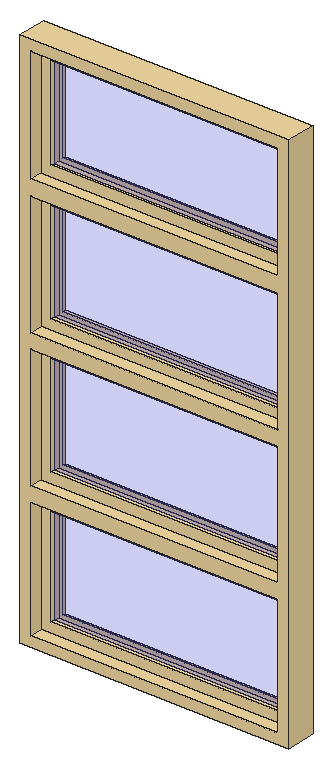
Revit family "6404-COto 62", category Windows, host Wall, Revit 2016
Family settings
  Host = Wall
  OmniClass Number = 23.30.20.00
  OmniClass Title = Windows
  Always vertical = Yes
  Cut with Voids When Loaded = No
  Shared = No
  Room Calculation Point = No
Parameters (values of type "1188x2388mm")
  top 4 [instance] = yes
  top 3 [instance] = yes
  top 2 [instance] = yes
  top 1 [instance] = yes
  right 4 [instance] = no
  right 2 [instance] = no
  right 1 [instance] = no
  right 3 [instance] = no
  left 4 [instance] = no
  left 3 [instance] = no
  left 2 [instance] = no
  left 1 [instance] = no
  Sash 3 [instance] = or(top 3, right 3, left 3)  # yes
  Sash 2 [instance] = or(top 2, right 2, left 2)  # yes
  Sash 1 [instance] = or(top 1, right 1, left 1)  # yes
  Sash 4 [instance] = or(top 4, right 4, left 4)  # yes
  Rough Width = Width + 2 * Joint  # 1212 mm
  Rough Height = Height + 2 * Joint  # 2412 mm
  Offset from wall = 40 mm
  Mullion 3 Placement = 1788 mm
  Mullion 1 Placement = 596 mm
  Mullion 2 Placement = 1192 mm
  Manufacturer = "www.kronevinduer.dk"
  Joint = 12 mm
  Height = 2388 mm
  Frame 176mm [instance] = no
  Frame 157mm [instance] = no
  Default Sill Height = 800 mm
  Wall Closure = By host
  Width = 1188 mm
Reference planes
  plane 1 "Center (Front/Back)": y = 0
  plane 2 "Center (Left/Right)": x = 0
  plane 3 "Left": x = -594
  plane 4 "Right": x = 594
  plane 5 "Sill": z = 800
  plane 6 "Head": z = 3188
  plane 7 "Exterior": y = 100
  plane 8 "Interior": y = -100
  plane 9: y = 60
  plane 10: x = 582
  plane 11: x = -582
  plane 12: z = 812
  plane 13: z = 3176
  plane 14: z = 1994
  plane 15: z = 2004
  plane 16: z = 1408
  plane 17: z = 2600
  plane 18: z = 1706
  plane 19: z = 1110
  plane 20: z = 2888
  plane 21: z = 2302
Forms (mm)
  Sweep 1, solid, material "Wood frame"
    path origin (0, 100, 0) x (1, 0, 0) y (0, 0, 1)
      loop
        line (582, 812) -> (582, 3176) -> (-582, 3176) -> (-582, 812) -> (582, 812)
    profile "COto 62 træ-alu,karm- fast glas 45mm : COto 62 træ-alu,karm- fast glas 45mm" origin (0, 100, 812) x (0, 0, -1) y (0, -1, 0)
      loop
        line (0, 170) -> (-45, 170) -> (-45, 99) -> (-27, 99) -> (-27, 51) -> (-45, 51) -> (-45, 40) -> (0, 40) -> (0, 170)
  Sweep 2, solid, material "Wood frame", visible <- "Frame 157mm"
    path origin (0, 100, 0) x (1, 0, 0) y (0, 0, 1)
      loop
        line (582, 812) -> (582, 3176) -> (-582, 3176) -> (-582, 812) -> (582, 812)
    profile "COto 62 træ-alu,karm- fast glas 45mm-157 : COto 62 træ-alu,karm- fast glas 45mm-157" origin (0, 100, 812) x (0, 0, -1) y (0, -1, 0)
      loop
        line (0, 197) -> (-45, 197) -> (-45, 99) -> (-27, 99) -> (-27, 51) -> (-45, 51) -> (-45, 40) -> (0, 40) -> (0, 197)
  Sweep 3, solid, material "Wood frame", visible <- "Frame 176mm"
    path origin (0, 100, 0) x (1, 0, 0) y (0, 0, 1)
      loop
        line (582, 812) -> (582, 3176) -> (-582, 3176) -> (-582, 812) -> (582, 812)
    profile "COto 62 træ-alu,karm- fast glas 45mm-176 : COto 62 træ-alu,karm- fast glas 45mm-176" origin (0, 100, 812) x (0, 0, -1) y (0, -1, 0)
      loop
        line (0, 216) -> (-45, 216) -> (-45, 99) -> (-27, 99) -> (-27, 51) -> (-45, 51) -> (-45, 40) -> (0, 40) -> (0, 216)
  Extrusion 4, solid, material "Glass"
    sketch origin (-594, 0, 0) x (0, -1, 0) y (0, 0, 1)
      loop
        line (-49, 839) -> (-1, 839) -> (-1, 3149) -> (-49, 3149) -> (-49, 839)
    from -1149 to -39
  Sweep 5, solid, material "Wood frame"
    path origin (0, 100, 0) x (1, 0, 0) y (0, 0, 1)
      loop
        line (582, 2004) -> (-582, 2004)
    profile "COto 62 træ-alu, Post-fast glas 63 mm : COto 62 træ-alu, Post-fast glas 63 mm" origin (0, 100, 2004) x (0, 0, -1) y (0, -1, 0)
      loop
        line (31.5, 170) -> (-31.5, 170) -> (-31.5, 99) -> (-13.5, 99) -> (-13.5, 51) -> (-31.5, 51) -> (-31.5, 40) -> (31.5, 40) -> (31.5, 51) -> (13.5, 51) -> (13.5, 99) -> (31.5, 99) -> (31.5, 170)
  Sweep 6, solid, material "Wood frame"
    path origin (0, 100, 0) x (1, 0, 0) y (0, 0, 1)
      loop
        line (582, 1408) -> (-582, 1408)
    profile "COto 62 træ-alu, Post-fast glas 63 mm : COto 62 træ-alu, Post-fast glas 63 mm" origin (0, 100, 1408) x (0, 0, -1) y (0, -1, 0)
      loop
        line (31.5, 170) -> (-31.5, 170) -> (-31.5, 99) -> (-13.5, 99) -> (-13.5, 51) -> (-31.5, 51) -> (-31.5, 40) -> (31.5, 40) -> (31.5, 51) -> (13.5, 51) -> (13.5, 99) -> (31.5, 99) -> (31.5, 170)
  Sweep 7, solid, material "Wood frame", visible <- "Frame 157mm"
    path origin (0, 100, 0) x (1, 0, 0) y (0, 0, 1)
      loop
        line (582, 2004) -> (-582, 2004)
    profile "COto 62 træ-alu, Post-fast glas 63 mm-157 : COto 62 træ-alu, Post-fast glas 63 mm-157" origin (0, 100, 2004) x (0, 0, -1) y (0, -1, 0)
      loop
        line (31.5, 197) -> (-31.5, 197) -> (-31.5, 99) -> (-13.5, 99) -> (-13.5, 51) -> (-31.5, 51) -> (-31.5, 40) -> (31.5, 40) -> (31.5, 51) -> (13.5, 51) -> (13.5, 99) -> (31.5, 99) -> (31.5, 197)
  Sweep 8, solid, material "Wood frame", visible <- "Frame 157mm"
    path origin (0, 100, 0) x (1, 0, 0) y (0, 0, 1)
      loop
        line (582, 1408) -> (-582, 1408)
    profile "COto 62 træ-alu, Post-fast glas 63 mm-157 : COto 62 træ-alu, Post-fast glas 63 mm-157" origin (0, 100, 1408) x (0, 0, -1) y (0, -1, 0)
      loop
        line (31.5, 197) -> (-31.5, 197) -> (-31.5, 99) -> (-13.5, 99) -> (-13.5, 51) -> (-31.5, 51) -> (-31.5, 40) -> (31.5, 40) -> (31.5, 51) -> (13.5, 51) -> (13.5, 99) -> (31.5, 99) -> (31.5, 197)
  Sweep 9, solid, material "Wood frame", visible <- "Frame 176mm"
    path origin (0, 100, 0) x (1, 0, 0) y (0, 0, 1)
      loop
        line (582, 1408) -> (-582, 1408)
    profile "COto 62 træ-alu, Post-fast glas 63 mm-176 : COto 62 træ-alu, Post-fast glas 63 mm-176" origin (0, 100, 1408) x (0, 0, -1) y (0, -1, 0)
      loop
        line (31.5, 216) -> (-31.5, 216) -> (-31.5, 99) -> (-13.5, 99) -> (-13.5, 51) -> (-31.5, 51) -> (-31.5, 40) -> (31.5, 40) -> (31.5, 51) -> (13.5, 51) -> (13.5, 99) -> (31.5, 99) -> (31.5, 216)
  Sweep 10, solid, material "Wood frame", visible <- "Frame 176mm"
    path origin (0, 100, 0) x (1, 0, 0) y (0, 0, 1)
      loop
        line (582, 2004) -> (-582, 2004)
    profile "COto 62 træ-alu, Post-fast glas 63 mm-176 : COto 62 træ-alu, Post-fast glas 63 mm-176" origin (0, 100, 2004) x (0, 0, -1) y (0, -1, 0)
      loop
        line (31.5, 216) -> (-31.5, 216) -> (-31.5, 99) -> (-13.5, 99) -> (-13.5, 51) -> (-31.5, 51) -> (-31.5, 40) -> (31.5, 40) -> (31.5, 51) -> (13.5, 51) -> (13.5, 99) -> (31.5, 99) -> (31.5, 216)
  Sweep 11, solid, material "Wood frame", visible <- "Sash 1"
    path origin (0, 100, 0) x (1, 0, 0) y (0, 0, 1)
      loop
        line (555, 839) -> (555, 1394.5) -> (-555, 1394.5) -> (-555, 839) -> (555, 839)
    profile "COto 62 træ-alu,opluk-ramme : COto 62 træ-alu,opluk-ramme" origin (0, 100, 839) x (0, 0, -1) y (0, -1, 0)
      loop
        line (0, 99) -> (-18, 99) -> (-18, 114) -> (-63, 114) -> (-63, 99) -> (-45, 99) -> (-45, 51) -> (-63, 51) -> (-63, 40) -> (0, 40) -> (0, 99)
  Sweep 12, solid, material "Wood frame", visible <- "Sash 2"
    path origin (0, 100, 0) x (1, 0, 0) y (0, 0, 1)
      loop
        line (555, 1421.5) -> (555, 1990.5) -> (-555, 1990.5) -> (-555, 1421.5) -> (555, 1421.5)
    profile "COto 62 træ-alu,opluk-ramme : COto 62 træ-alu,opluk-ramme" origin (0, 100, 1421.5) x (0, 0, -1) y (0, -1, 0)
      loop
        line (0, 99) -> (-18, 99) -> (-18, 114) -> (-63, 114) -> (-63, 99) -> (-45, 99) -> (-45, 51) -> (-63, 51) -> (-63, 40) -> (0, 40) -> (0, 99)
  Sweep 13, solid, material "Wood frame"
    path origin (0, 100, 0) x (1, 0, 0) y (0, 0, 1)
      loop
        line (582, 2600) -> (-582, 2600)
    profile "COto 62 træ-alu, Post-fast glas 63 mm : COto 62 træ-alu, Post-fast glas 63 mm" origin (0, 100, 2600) x (0, 0, -1) y (0, -1, 0)
      loop
        line (31.5, 170) -> (-31.5, 170) -> (-31.5, 99) -> (-13.5, 99) -> (-13.5, 51) -> (-31.5, 51) -> (-31.5, 40) -> (31.5, 40) -> (31.5, 51) -> (13.5, 51) -> (13.5, 99) -> (31.5, 99) -> (31.5, 170)
  Sweep 14, solid, material "Wood frame", visible <- "Frame 157mm"
    path origin (0, 100, 0) x (1, 0, 0) y (0, 0, 1)
      loop
        line (582, 2600) -> (-582, 2600)
    profile "COto 62 træ-alu, Post-fast glas 63 mm-157 : COto 62 træ-alu, Post-fast glas 63 mm-157" origin (0, 100, 2600) x (0, 0, -1) y (0, -1, 0)
      loop
        line (31.5, 197) -> (-31.5, 197) -> (-31.5, 99) -> (-13.5, 99) -> (-13.5, 51) -> (-31.5, 51) -> (-31.5, 40) -> (31.5, 40) -> (31.5, 51) -> (13.5, 51) -> (13.5, 99) -> (31.5, 99) -> (31.5, 197)
  Sweep 15, solid, material "Wood frame", visible <- "Frame 176mm"
    path origin (0, 100, 0) x (1, 0, 0) y (0, 0, 1)
      loop
        line (582, 2600) -> (-582, 2600)
    profile "COto 62 træ-alu, Post-fast glas 63 mm-176 : COto 62 træ-alu, Post-fast glas 63 mm-176" origin (0, 100, 2600) x (0, 0, -1) y (0, -1, 0)
      loop
        line (31.5, 216) -> (-31.5, 216) -> (-31.5, 99) -> (-13.5, 99) -> (-13.5, 51) -> (-31.5, 51) -> (-31.5, 40) -> (31.5, 40) -> (31.5, 51) -> (13.5, 51) -> (13.5, 99) -> (31.5, 99) -> (31.5, 216)
  Sweep 16, solid, material "Wood frame", visible <- "Sash 3"
    path origin (0, 100, 0) x (1, 0, 0) y (0, 0, 1)
      loop
        line (555, 2017.5) -> (555, 2586.5) -> (-555, 2586.5) -> (-555, 2017.5) -> (555, 2017.5)
    profile "COto 62 træ-alu,opluk-ramme : COto 62 træ-alu,opluk-ramme" origin (0, 100, 2017.5) x (0, 0, -1) y (0, -1, 0)
      loop
        line (0, 99) -> (-18, 99) -> (-18, 114) -> (-63, 114) -> (-63, 99) -> (-45, 99) -> (-45, 51) -> (-63, 51) -> (-63, 40) -> (0, 40) -> (0, 99)
  Sweep 17, solid, material "Wood frame", visible <- "Sash 4"
    path origin (0, 100, 0) x (1, 0, 0) y (0, 0, 1)
      loop
        line (555, 2613.5) -> (555, 3149) -> (-555, 3149) -> (-555, 2613.5) -> (555, 2613.5)
    profile "COto 62 træ-alu,opluk-ramme : COto 62 træ-alu,opluk-ramme" origin (0, 100, 2613.5) x (0, 0, -1) y (0, -1, 0)
      loop
        line (0, 99) -> (-18, 99) -> (-18, 114) -> (-63, 114) -> (-63, 99) -> (-45, 99) -> (-45, 51) -> (-63, 51) -> (-63, 40) -> (0, 40) -> (0, 99)
Cuts and joins
  joined: Sweep 1, Sweep 5, Sweep 6, Sweep 13
  joined: Sweep 2, Sweep 7, Sweep 8, Sweep 14
  joined: Sweep 3, Sweep 9, Sweep 10, Sweep 15
Lines and regions (mm)
  Opening 1
    outline origin (3500, -100, 0) x (1, 0, 0) y (0, 0, 1)
      loop
        line (-2906, 800) -> (-2906, 3188) -> (-4094, 3188) -> (-4094, 800) -> (-2906, 800)
  symbolic lines
    curve 1: line (555, 100, 3149) -> (555, 100, 2612)
  symbolic lines, visible <- "top 2"
    curve 2: line (555, 100, 1990.5) -> (0, 100, 1421.5)
    curve 3: line (0, 100, 1421.5) -> (-555, 100, 1990.5)
  symbolic lines, visible <- "top 1"
    curve 4: line (555, 100, 1394.5) -> (0, 100, 839)
    curve 5: line (0, 100, 839) -> (-555, 100, 1394.5)
  symbolic lines, visible <- "left 2"
    curve 6: line (555, 100, 1990.5) -> (-555, 100, 1706)
    curve 7: line (-555, 100, 1706) -> (555, 100, 1421.5)
  symbolic lines, visible <- "right 2"
    curve 8: line (-555, 100, 1990.5) -> (555, 100, 1706)
    curve 9: line (555, 100, 1706) -> (-555, 100, 1421.5)
  symbolic lines, visible <- "left 1"
    curve 10: line (555, 100, 1394.5) -> (-555, 100, 1110)
    curve 11: line (-555, 100, 1110) -> (555, 100, 839)
  symbolic lines, visible <- "right 1"
    curve 12: line (-555, 100, 1394.5) -> (555, 100, 1110)
    curve 13: line (555, 100, 1110) -> (-555, 100, 839)
  symbolic lines, visible <- "top 3"
    curve 14: line (555, 100, 2586.5) -> (0, 100, 2017.5)
    curve 15: line (0, 100, 2017.5) -> (-555, 100, 2586.5)
  symbolic lines, visible <- "left 3"
    curve 16: line (555, 100, 2586.5) -> (-555, 100, 2302)
    curve 17: line (-555, 100, 2302) -> (555, 100, 2017.5)
  symbolic lines, visible <- "right 3"
    curve 18: line (-555, 100, 2586.5) -> (555, 100, 2302)
    curve 19: line (555, 100, 2302) -> (-555, 100, 2017.5)
  symbolic lines, visible <- "top 4"
    curve 20: line (555, 100, 3149) -> (0, 100, 2613.5)
    curve 21: line (0, 100, 2613.5) -> (-555, 100, 3149)
  symbolic lines, visible <- "left 4"
    curve 22: line (555, 100, 3149) -> (-555, 100, 2888)
    curve 23: line (-555, 100, 2888) -> (555, 100, 2612)
  symbolic lines, visible <- "right 4"
    curve 24: line (-555, 100, 3149) -> (537, 100, 2888)
    curve 25: line (537, 100, 2888) -> (-537, 100, 2631.5)
Text (mm)
  text "EXTERIOR" at (-1963.203, 1332.353, 0), in view "Ref. Level"
  text "INTERIOR" at (-1981.466, -818.386, 0), in view "Ref. Level"
  text "Exterior" at (0, 923.751, 2943.296), in view "Right"
  text "Exterior" at (0, 1040.484, 2685.409), in view "Left"
Dimensions and locks
  equal spacing: plane 3 "Left", plane 2 "Center (Left/Right)", plane 4 "Right"
  "Width": plane 3 "Left" to plane 4 "Right"
  "Height": plane 5 "Sill" to plane 6 "Head"
  "Default Sill Height": plane 5 "Sill" to level
  locked: plane 7 "Exterior" to host wall at 0
  locked: plane 8 "Interior" to host wall
  "Joint": plane 13 to plane 6 "Head"
  "Joint": plane 5 "Sill" to plane 12
  "Joint": plane 3 "Left" to plane 11
  "Joint": plane 10 to plane 4 "Right"
  "Offset from wall": plane 9 to plane 7 "Exterior"
  equal spacing: plane 12, plane 14, plane 13
  "Mullion 1 Placement": plane 12 to plane 16
  equal spacing: plane 16, plane 18, plane 15
  equal spacing: plane 12, plane 19, plane 16
  "Mullion 2 Placement": plane 12 to plane 15
  "Mullion 3 Placement": plane 12 to plane 17
  equal spacing: plane 15, plane 21, plane 17
  equal spacing: plane 17, plane 20, plane 13
  aligned and locked: plane 12 to Sweep 1 sketch curve
  aligned and locked: plane 10 to Sweep 1 sketch curve
  aligned and locked: Sweep 1 sketch curve to plane 13
  aligned and locked: Sweep 1 sketch curve to plane 11
  aligned and locked: Extrusion 4 sketch curve to Sweep 1  (x2)
  aligned and locked: Extrusion 4 to Sweep 1  (x4)
  aligned and locked: Sweep 11 sketch curve to Extrusion 4  (x2)
  aligned and locked: Sweep 11 sketch curve to cut or joined group of Sweep 1, Sweep 5, Sweep 6, Sweep 13  (x2)
  aligned and locked: Sweep 12 sketch curve to cut or joined group of Sweep 1, Sweep 5, Sweep 6, Sweep 13  (x2)
  aligned and locked: cut or joined group of Sweep 1, Sweep 5, Sweep 6, Sweep 13 to Sweep 12 sketch curve  (x2)
  aligned and locked: Sweep 16 sketch curve to cut or joined group of Sweep 1, Sweep 5, Sweep 6, Sweep 13  (x2)
  aligned and locked: cut or joined group of Sweep 1, Sweep 5, Sweep 6, Sweep 13 to Sweep 16 sketch curve  (x2)
  aligned and locked: Sweep 17 sketch curve to cut or joined group of Sweep 1, Sweep 5, Sweep 6, Sweep 13  (x2)
  aligned and locked: Sweep 17 sketch curve to Extrusion 4  (x2)
Automatic sketch dimensions
  Opening 1 sketch curve to plane 3 "Left" = 0 mm
  Opening 1 sketch curve to plane 4 "Right" = 0 mm
  Opening 1 sketch curve to plane 5 "Sill" = 0 mm
  Opening 1 sketch curve to plane 6 "Head" = 0 mm
  plane 11 to Sweep 2 sketch curve = 0 mm
  plane 10 to Sweep 2 sketch curve = 0 mm
  Sweep 2 sketch curve to plane 12 = 0 mm
  Sweep 2 sketch curve to plane 13 = 0 mm
  plane 11 to Sweep 3 sketch curve = 0 mm
  plane 10 to Sweep 3 sketch curve = 0 mm
  Sweep 3 sketch curve to plane 12 = 0 mm
  Sweep 3 sketch curve to plane 13 = 0 mm
  Extrusion 4 sketch curve to plane 5 "Sill" = 39 mm
  plane 6 "Head" to Extrusion 4 sketch curve = 39 mm
  plane 11 to Sweep 5 sketch curve = 0 mm
  plane 10 to Sweep 5 sketch curve = 0 mm
  Sweep 5 sketch curve to plane 15 = 0 mm
  plane 11 to Sweep 6 sketch curve = 0 mm
  plane 10 to Sweep 6 sketch curve = 0 mm
  Sweep 6 sketch curve to plane 16 = 0 mm
  plane 11 to Sweep 7 sketch curve = 0 mm
  plane 10 to Sweep 7 sketch curve = 0 mm
  Sweep 7 sketch curve to plane 15 = 0 mm
  plane 11 to Sweep 8 sketch curve = 0 mm
  plane 10 to Sweep 8 sketch curve = 0 mm
  Sweep 8 sketch curve to plane 16 = 0 mm
  plane 11 to Sweep 9 sketch curve = 0 mm
  plane 10 to Sweep 9 sketch curve = 0 mm
  Sweep 9 sketch curve to plane 16 = 0 mm
  plane 11 to Sweep 10 sketch curve = 0 mm
  plane 10 to Sweep 10 sketch curve = 0 mm
  Sweep 10 sketch curve to plane 15 = 0 mm
  plane 11 to Sweep 13 sketch curve = 0 mm
  plane 10 to Sweep 13 sketch curve = 0 mm
  Sweep 13 sketch curve to plane 17 = 0 mm
  plane 11 to Sweep 14 sketch curve = 0 mm
  plane 10 to Sweep 14 sketch curve = 0 mm
  Sweep 14 sketch curve to plane 17 = 0 mm
  plane 11 to Sweep 15 sketch curve = 0 mm
  plane 10 to Sweep 15 sketch curve = 0 mm
  Sweep 15 sketch curve to plane 17 = 0 mm
  curve 23 to plane 20 = 0 mm
  curve 17 to plane 21 = 0 mm
  curve 6 to plane 18 = 0 mm
  curve 11 to plane 19 = 0 mm
  plane 2 "Center (Left/Right)" to curve 4 = 0 mm
  plane 2 "Center (Left/Right)" to curve 15 = 0 mm
  plane 2 "Center (Left/Right)" to curve 2 = 0 mm
  plane 2 "Center (Left/Right)" to curve 21 = 0 mm
  curve 25 to plane 20 = 0 mm
  curve 18 to plane 21 = 0 mm
  curve 8 to plane 18 = 0 mm
  curve 13 to plane 19 = 0 mm
  curve 10 to plane 11 = 27 mm
  curve 12 to plane 11 = 27 mm
  curve 8 to plane 11 = 27 mm
  curve 15 to plane 11 = 27 mm
  curve 7 to plane 11 = 27 mm
  curve 16 to plane 11 = 27 mm
  curve 21 to plane 11 = 27 mm
  curve 22 to plane 11 = 27 mm
  plane 10 to curve 16 = 27 mm
  plane 10 to curve 6 = 27 mm
  plane 10 to curve 18 = 27 mm
  plane 10 to curve 4 = 27 mm
  plane 10 to curve 20 = 27 mm
  plane 10 to curve 8 = 27 mm
  plane 10 to curve 13 = 27 mm
  plane 12 to curve 5 = 27 mm
  curve 4 to plane 16 = 13.5 mm
  curve 5 to plane 16 = 13.5 mm
  plane 16 to curve 2 = 13.5 mm
  curve 8 to plane 15 = 13.5 mm
  curve 6 to plane 15 = 13.5 mm
  plane 15 to curve 15 = 13.5 mm
  curve 15 to plane 17 = 13.5 mm
  curve 14 to plane 17 = 13.5 mm
  plane 17 to curve 1 = 12 mm
  plane 17 to curve 20 = 13.5 mm
  curve 24 to plane 13 = 27 mm
  curve 20 to plane 13 = 27 mm
  curve 25 to plane 11 = 45 mm
  curve 9 to curve 5 = 0 mm
  curve 19 to curve 3 = 0 mm
  curve 13 to plane 11 = 27 mm
  plane 10 to curve 24 = 45 mm
  plane 10 to curve 7 = 27 mm
  curve 17 to curve 2 = 0 mm
  plane 10 to curve 11 = 27 mm
  plane 12 to curve 13 = 27 mm
  plane 12 to curve 11 = 27 mm
  plane 16 to curve 7 = 13.5 mm
  plane 16 to curve 9 = 13.5 mm
  plane 15 to curve 17 = 13.5 mm
  plane 15 to curve 19 = 13.5 mm
  plane 17 to curve 25 = 31.5 mm
